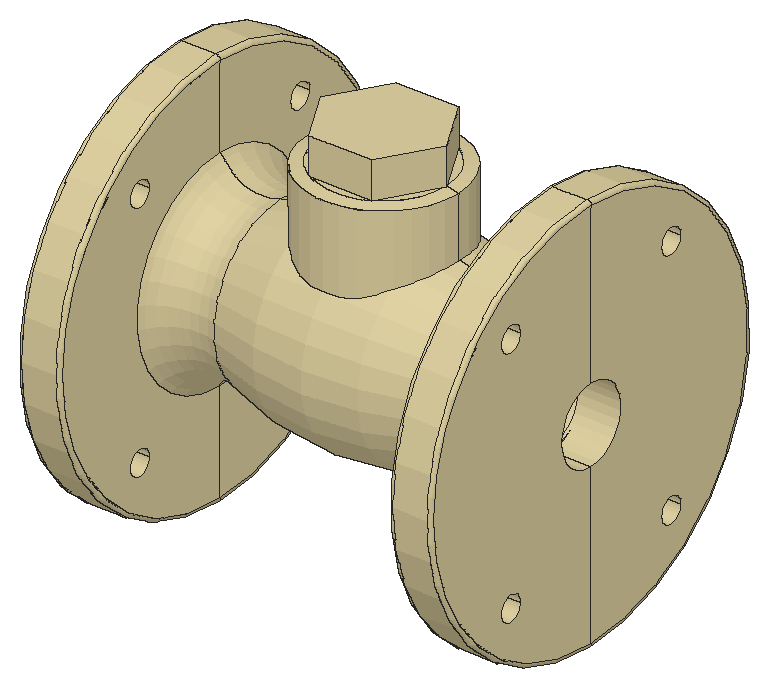
Revit family "DA04330000", category Apparecchi idraulici, Revit 2020
Family settings
  Quota connettore circolare = Usa diametro
  Tipo di parte = Normale
  Numero OmniClass = 23.45.00.00
  Titolo OmniClass = Sanitary, Laundry, and Cleaning Equipment
  Basato su piano di lavoro = No
  Sempre verticale = Sì
  Taglio con vuoti quando caricato = No
  Condiviso = No
  Punto di calcolo locali = No
Parameters
  URL = "https://web.cimberio.com/index.php/figura/23?subcategoria_id=35"
  Temperatura di esercizio = "-10 ÷ 170°C"
  Prospetto di default = 0 mm
  Produttore = "CIMBERIO SPA"
  Pressione nominale = "PN 16"
  Modello = "Cim *79PN6"
  Materiale = "Prodotto in lega di bronzo conforme alla norma EN 1982-CC491K"
  Descrizione = "Utilizzato nei più svariati settori dell'impiantistica in condutture anti-ritorno per: reti di distribuzione acqua potabile, impianti di riscaldamento, condizionamento, igienico-sanitari e distribuzione idrocarburi"
  DN Model [instance] = DA04333110 : DA04333110
  DN [instance] = 16 mm
  Commenti sul tipo = "Realizzato in ottemperanza ai requisiti gestionali della norma EN ISO 9001.\r\nCollaudato al 100% secondo la normativa EN 12266-1"
Reference planes
  plane 1 "Centro (Fronte/Retro)": y = 0
  plane 2: z = 0
  plane 3 "Centro (Sinistra/Destra)": x = 0
Dimensions and locks
  aligned and locked: level to plane 2
Nested families
  nested 1: "DA04333110" at (0, 0, 0), type <- "DN Model", type "DA04333110"
  nested 2: "DA04333110" at (0, 0, 0), type <- "DN Model", type "DA04333110"
  nested 3: "DA04333110" at (0, 0, 0), type <- "DN Model", type "DA04333110"
  nested 4: "DA04333110" at (0, 0, 0), type <- "DN Model", type "DA04333110"
  nested 5: "DA04333110" at (0, 0, 0), type <- "DN Model", type "DA04333110"
  nested 6: "DA04333110" at (0, 0, 0), type <- "DN Model", type "DA04333110"
  nested 7: "DA04333110" at (0, 0, 0), type <- "DN Model", type "DA04333110"
  nested 8: "DA04333110" at (0, 0, 0), type <- "DN Model", type "DA04333110"
  nested 9: "DA04333110" at (0, 0, 0), type <- "DN Model", type "DA04333110"
Connectors
  piping at (41.407, 0, 0), diameter 16, driven by "DN"
    settings: on nested 1, index 1, connector inside diameter 609.6 mm, connector length 0 mm, flow factor 0, pipe flow 0.0 L/s, pressure drop 0.0 Pa, fitting loss kfactor 0, connector angle 0.00°, fixture units 0, engagement length 0 mm, angle of deflection 0.00°, flow configuration 0, flow direction 0, fitting loss method 0, system type 7, joint type 0, gender type 0, connector reference index -1, connector utility 0, adjustable connector no, is connector primary yes, connector description ""
  piping at (-41.232, 0, 0), diameter 16, driven by "DN"
    settings: on nested 1, index 2, connector inside diameter 609.6 mm, connector length 0 mm, flow factor 0, pipe flow 0.0 L/s, pressure drop 0.0 Pa, fitting loss kfactor 0, connector angle 0.00°, fixture units 0, engagement length 0 mm, angle of deflection 0.00°, flow configuration 0, flow direction 0, fitting loss method 0, system type 7, joint type 0, gender type 0, connector reference index -1, connector utility 0, adjustable connector no, is connector primary no, connector description ""
Definition of nested family "DA04333110"
  Parameters (values of type "DA04283110")
    Default Elevation = 0 mm
  Reference planes
    plane 1 "Centro (Fronte/Retro)": y = 0
    plane 2: z = 0
    plane 3 "Centro (Sinistra/Destra)": x = 0
  Forms (mm)
    Revolve 1, solid
      sketch origin (0, 0, 0) x (1, 0, 0) y (0, 0, 1)
        loop
          line (33.343, -7.5) -> (-32.983, -7.5) -> (-32.983, -19.288)
          arc (-32.983, -19.288) -> (-27.734, -14.585) -> (-20.687, -14.614) r 9.811
          arc (-20.687, -14.614) -> (0, -18.5) -> (20.687, -14.614) r 57
          arc (20.687, -14.614) -> (28.136, -14.748) -> (33.343, -20.077) r 9.811
          line (33.343, -20.077) -> (33.343, -7.5)
        axis (-32.983, 2) -> (33.343, 2)
      angle from 0 to 360
    Revolve 2, solid
      sketch origin (0, 0, 0) x (1, 0, 0) y (0, 0, 1)
        loop
          line (-15, 4.172) -> (0, 4.172) -> (0, 32.573) -> (-12.5, 32.573) -> (-15, 32.132) -> (-15, 4.172)
        axis (0, 32.573) -> (0, 4.172)
      angle from 0 to 360
    Extrusion 3, solid
      sketch origin (0, 0, 0) x (0, -1, 0) y (1, 0, 0)
        loop
          line (0, 12.5) -> (-10.825, 6.25) -> (-10.825, -6.25) -> (0, -12.5) -> (10.825, -6.25) -> (10.825, 6.25) -> (0, 12.5)
      from 32.132 to 39.804
    Revolve 4, solid
      sketch origin (-6.732, 0, 0) x (1, 0, 0) y (0, 0, 1)
        loop
          line (-34.5, 39.192) -> (-34.5, 7.5) -> (-26, 7.5) -> (-26, 39.165)
          arc (-26, 39.165) -> (-26.244, 39.756) -> (-26.835, 40) r 0.835
          line (-26.835, 40) -> (-33.692, 40)
          arc (-33.692, 40) -> (-34.263, 39.763) -> (-34.5, 39.192) r 0.808
        axis (-34.5, 0) -> (-26, 0)
      angle from 0 to 360
    Revolve 5, solid
      sketch origin (6.907, 0, 0) x (-1, 0, 0) y (0, 0, 1)
        loop
          line (-34.5, 39.192) -> (-34.5, 7.5) -> (-26, 7.5) -> (-26, 39.165)
          arc (-26, 39.165) -> (-26.244, 39.756) -> (-26.835, 40) r 0.835
          line (-26.835, 40) -> (-33.692, 40)
          arc (-33.692, 40) -> (-34.263, 39.763) -> (-34.5, 39.192) r 0.808
        axis (-34.5, 0) -> (-26, 0)
      angle from 0 to 360
    Extrusion 6, void
      sketch origin (0, 0, 0) x (0, 1, 0) y (0, 0, 1)
        loop
          circle (20, 24.077) r 2.498
        loop
          circle (-20, 24.077) r 2.498
        loop
          circle (20, -24.077) r 2.498
        loop
          circle (-20, -24.077) r 2.498
      from -63.387 to 69.734
  Cuts and joins
    Extrusion 6 cuts Revolve 4
    Extrusion 6 cuts Revolve 5
  Dimensions and locks
    aligned and locked: level to plane 2
